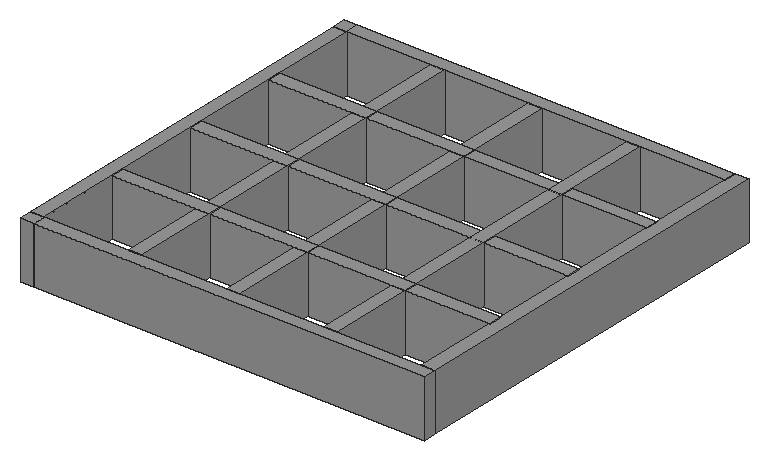
Revit family "6114-6", category Generic Models, host Ceiling, Revit 2023
Family settings
  Host = Ceiling
  Can host rebar = No
  Round Connector Dimension = Use Diameter
  Part Type = Normal
  Always vertical = Yes
  Cut with Voids When Loaded = No
  Maintain Annotation Orientation = No
  Shared = No
  Room Calculation Point = No
Parameters (values of type "6112-3")
  MEMBER THICKNESS [instance] = 0' - 0 3/4"
  Default Elevation = 0' - 0"
  Cube Depth [instance] = 0' - 3 1/4"  # constant formula
  CELL COUNT [instance] = 4  # constant formula
  .. Member Material [instance] = 9WOOD WALNUT
Types (3): name
  (no name)
  6112-3
  6113-3
Reference planes (in)
  plane 1 "Center (Front/Back)": y = 0
  plane 2 "Ceiling": z = 96
  plane 3 "Center (Left/Right)": x = 0
Dimensions and locks (in)
  equal spacing: host sketch curve, plane 3 "Center (Left/Right)", host sketch curve
  equal spacing: host sketch curve, plane 1 "Center (Front/Back)", host sketch curve
  host sketch curve to host sketch curve = 10' - 0"  (x2)
  aligned and locked: host ceiling to nested 1
Nested families (in)
  nested 1: "6100 Start" at (-406.11614, -294.13883, 72.37482), Actual Depth <- "Cube Depth", Member Material <- ".. Member Material", MEMBER COUNT <- "CELL COUNT", MEMBER THICKNESS <- "MEMBER THICKNESS", type "6100 Start"
    with W1 CALC 1' - 10 1/4", T1 1' - 9 1/2", Member Material 9WOOD WALNUT, MEMBER THICKNESS 0' - 0 3/4", MEMBER COUNT 4, D2 TYP 0' - 5 9/16", Actual Depth 0' - 3 1/4", .. Half Member Width 0' - 0 3/8"
Definition of nested family "6100 Start"
  Parameters (values of type "6100 Start")
    W1 CALC [instance] = 1' 9 1/2" + MEMBER THICKNESS  # 1' - 10 1/8"
    T1 [instance] = 1' - 9 1/2"  # constant formula
    Member Material [instance] = none
    .. Half Member Width [instance] = MEMBER THICKNESS / 2  # 0' - 0 5/16"
    Actual Depth [instance] = 0' - 2 1/4"
    MEMBER THICKNESS [instance] = 0' - 0 5/8"
    Default Elevation = 0' - 2 25/32"
    D2 TYP [instance] = (T1 + MEMBER THICKNESS) / MEMBER COUNT  # 0' - 5 17/32"
    MEMBER COUNT [instance] = 4
  Reference planes (in)
    plane 1 "Center (Front/Back)": y = 286.63756
    plane 2: z = 0
    plane 3 "Center (Left/Right)": x = 398.71958
    plane 4: y = 308.88756
    plane 5: x = 420.96958
    plane 6: x = 399.46958
    plane 7: y = 287.38756
    plane 8: x = 420.96958
    plane 9: x = 420.96958
    plane 10: z = 23.62518
    plane 11: x = 399.46958
    plane 12: y = 309.20006
    plane 13: y = 303.66881
    plane 14: x = 399.15708
    plane 15: x = 404.68833
  Dimensions and locks (in)
    "T1": plane 4 to plane 7
    "T1": plane 6 to plane 5
    ".. Half Member Width": plane 14 to plane 6
    ".. Half Member Width": plane 12 to plane 4
    "D2 TYP": plane 12 to plane 13
    "D2 TYP": plane 14 to plane 15
    equal spacing: group 1, group 3, group 4, group 7  (x2)
    equal spacing: group 7, group 4, group 3, group 1
    equal spacing: group 2, group 5, group 6, group 8
    equal spacing: group 8, group 6, group 5, group 2  (x2)
    aligned and locked: plane 2 to level
    aligned and locked: plane 4 to nested 1  (x2)
    aligned and locked: plane 5 to nested 2
    aligned and locked: plane 7 to nested 3
    aligned and locked: nested 3 to plane 6
    aligned and locked: nested 4 to plane 8
    aligned and locked: nested 4 to plane 7
    aligned and locked: nested 5 to plane 4
    aligned and locked: nested 5 to plane 9
    aligned and locked: plane 6 to nested 6
    aligned and locked: plane 4 to nested 6
    aligned and locked: plane 10 to nested 2
    aligned and locked: nested 5 to plane 10
    aligned and locked: nested 3 to plane 10
    aligned and locked: nested 6 to plane 10
    aligned and locked: nested 4 to plane 10
    aligned and locked: plane 11 to nested 6
    aligned and locked: plane 14 to nested 1
    aligned and locked: plane 15 to nested 7
    aligned and locked: nested 2 to plane 12
    aligned and locked: nested 9 to plane 13
    aligned and locked: plane 10 to nested 12
    aligned and locked: plane 10 to nested 11
    aligned and locked: plane 10 to nested 8
  Nested families (in)
    nested 1: "Only Box" at (399.15708, 298.13756, 21.37518), Width <- "MEMBER THICKNESS", Length <- "T1", Depth <- "Actual Depth", Material <- "Member Material", type "Only Box"
      with Width 0' - 0 5/8", Material none, Length 1' - 9 1/2", Depth 0' - 2 1/4"
    nested 2: "Only Box" at (410.21958, 309.20006, 21.37518), Length <- "MEMBER THICKNESS", Depth <- "Actual Depth", Material <- "Member Material", type "Only Box"
      with Width 1' - 9 1/2", Material none, Length 0' - 0 5/8", Depth 0' - 2 1/4"
    nested 3: "Only Box 2" at (438.46958, 259.37199, 23.62518) x (0, -1, 0) z (0, 0, 1), Depth <- "Actual Depth", Length <- "MEMBER THICKNESS", Material <- "Member Material", Width <- "W1 CALC", type "Only Box 2"
      with Width 1' - 10 1/8", Material none, Length 0' - 0 5/8", Depth 0' - 2 1/4"
    nested 4: "Only Box 2" at (448.98515, 326.38756, 23.62518), Depth <- "Actual Depth", Length <- "MEMBER THICKNESS", Material <- "Member Material", Width <- "W1 CALC", type "Only Box 2"
      with Width 1' - 10 1/8", Material none, Length 0' - 0 5/8", Depth 0' - 2 1/4"
    nested 5: "Only Box 2" at (381.96958, 336.90313, 23.62518) x (0, 1, 0) z (0, 0, 1), Depth <- "Actual Depth", Length <- "MEMBER THICKNESS", Material <- "Member Material", Width <- "W1 CALC", type "Only Box 2"
      with Width 1' - 10 1/8", Material none, Length 0' - 0 5/8", Depth 0' - 2 1/4"
    nested 6: "Only Box 2" at (371.45401, 269.88756, 23.62518) x (-1, 0, 0) z (0, 0, 1), Depth <- "Actual Depth", Length <- "MEMBER THICKNESS", Material <- "Member Material", Width <- "W1 CALC", type "Only Box 2"
      with Width 1' - 10 1/8", Material none, Length 0' - 0 5/8", Depth 0' - 2 1/4"
    nested 7: "Only Box" at (404.68833, 298.13756, 21.37518), Width <- "MEMBER THICKNESS", Length <- "T1", Depth <- "Actual Depth", Material <- "Member Material", type "Only Box"
      with Width 0' - 0 5/8", Material none, Length 1' - 9 1/2", Depth 0' - 2 1/4"
    nested 8: "Only Box" at (410.21958, 298.13756, 21.37518), Width <- "MEMBER THICKNESS", Length <- "T1", Depth <- "Actual Depth", Material <- "Member Material", type "Only Box"
      with Width 0' - 0 5/8", Material none, Length 1' - 9 1/2", Depth 0' - 2 1/4"
    nested 9: "Only Box" at (410.21958, 303.66881, 21.37518), Length <- "MEMBER THICKNESS", Depth <- "Actual Depth", Material <- "Member Material", type "Only Box"
      with Width 1' - 9 1/2", Material none, Length 0' - 0 5/8", Depth 0' - 2 1/4"
    nested 10: "Only Box" at (410.21958, 298.13756, 21.37518), Length <- "MEMBER THICKNESS", Depth <- "Actual Depth", Material <- "Member Material", type "Only Box"
      with Width 1' - 9 1/2", Material none, Length 0' - 0 5/8", Depth 0' - 2 1/4"
    nested 11: "Only Box" at (415.75083, 298.13756, 21.37518), Width <- "MEMBER THICKNESS", Length <- "T1", Depth <- "Actual Depth", Material <- "Member Material", type "Only Box"
      with Width 0' - 0 5/8", Material none, Length 1' - 9 1/2", Depth 0' - 2 1/4"
    nested 12: "Only Box" at (410.21958, 292.60631, 21.37518), Length <- "MEMBER THICKNESS", Depth <- "Actual Depth", Material <- "Member Material", type "Only Box"
      with Width 1' - 9 1/2", Material none, Length 0' - 0 5/8", Depth 0' - 2 1/4"
  Definition of nested family "Only Box"
    Parameters
      Width [instance] = 4' - 8.03114"
      Material [instance] = none
      Length [instance] = 6' - 6"
      Depth [instance] = 2' - 8"
      Default Elevation = 0' - 0"
    Reference planes (in)
      plane 1 "Center (Front/Back)": y = 0
      plane 2: z = 0
      plane 3 "Center (Left/Right)": x = 0
      plane 4: x = -28.01557
      plane 5: x = 28.01557
      plane 6: y = 39
      plane 7: y = -39
      plane 8: z = 32
    Forms (in)
      Extrusion 1, solid, material <- "Material"
        sketch origin (0, 0, 0) x (1, 0, 0) y (0, 1, 0)
          loop
            line (-28.01557, 39) -> (-28.01557, -39) -> (28.01557, -39) -> (28.01557, 39) -> (-28.01557, 39)
        from 0 to 32
    Dimensions and locks (in)
      equal spacing: plane 6, plane 1 "Center (Front/Back)", plane 7
      equal spacing: plane 4, plane 3 "Center (Left/Right)", plane 5
      "Width": plane 4 to plane 5
      "Length": plane 6 to plane 7
      "Depth": plane 8 to level
      aligned and locked: plane 2 to level
      aligned and locked: Extrusion 1 sketch curve to plane 6
      aligned and locked: plane 4 to Extrusion 1 sketch curve
      aligned and locked: plane 7 to Extrusion 1 sketch curve
      aligned and locked: Extrusion 1 sketch curve to plane 5
      aligned and locked: plane 8 to Extrusion 1
      aligned and locked: Extrusion 1 to level
  Definition of nested family "Only Box 2"
    Parameters (values of type "Only Box 2")
      Width [instance] = 4' - 8.03114"
      Material [instance] = none
      Length [instance] = 6' - 6"
      Depth [instance] = 2' - 8"
      Default Elevation = 0' - 0"
    Reference planes (in)
      plane 1 "Center (Front/Back)": y = 39
      plane 2: z = 0
      plane 3 "Center (Left/Right)": x = -28.01557
      plane 4: x = 49.98443
      plane 5: y = -17.03114
      plane 6: z = -32
      plane 7: x = 10.98443
      plane 8: y = 10.98443
    Forms (in)
      Extrusion 1, solid, material <- "Material"
        sketch origin (0, 0, 0) x (1, 0, 0) y (0, 1, 0)
          loop
            line (-28.01557, 39) -> (-28.01557, -17.03114) -> (49.98443, -17.03114) -> (49.98443, 39) -> (-28.01557, 39)
        from 0 to -32
    Dimensions and locks (in)
      "Length": plane 3 "Center (Left/Right)" to plane 4
      "Width": plane 5 to plane 1 "Center (Front/Back)"
      "Depth": level to plane 6
      equal spacing: plane 3 "Center (Left/Right)", plane 7, plane 4
      equal spacing: plane 1 "Center (Front/Back)", plane 8, plane 5
      aligned and locked: plane 2 to level
      aligned and locked: Extrusion 1 to level
      aligned and locked: Extrusion 1 to plane 3 "Center (Left/Right)"
      aligned and locked: Extrusion 1 to plane 1 "Center (Front/Back)"
      aligned and locked: plane 4 to Extrusion 1
      aligned and locked: Extrusion 1 to plane 5
      aligned and locked: Extrusion 1 to plane 6
    Automatic sketch dimensions
      Extrusion 1 sketch curve to plane 1 "Center (Front/Back)" = 0' - 0"
      plane 1 "Center (Front/Back)" to Extrusion 1 sketch curve = 4' - 8.03114"
      Extrusion 1 sketch curve to plane 3 "Center (Left/Right)" = 0' - 0"
      plane 3 "Center (Left/Right)" to Extrusion 1 sketch curve = 6' - 6"
